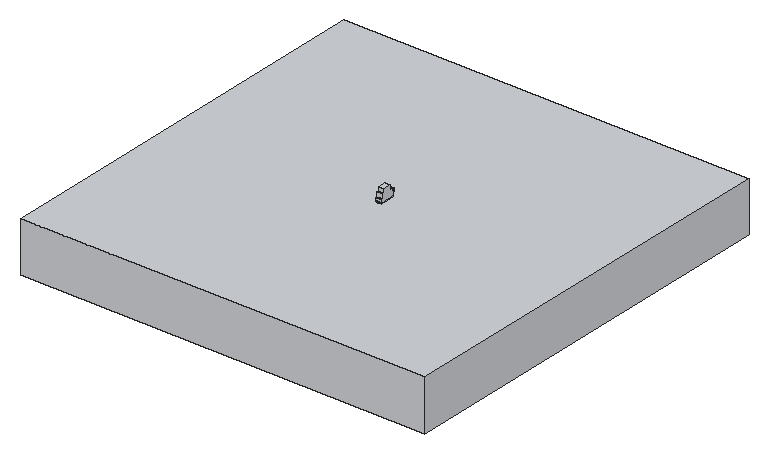
Revit family "Gira_236500", category Elektroinstallationen, Revit 2017
Family settings
  Basisbauteil = Fläche
  Beschriftungsausrichtung beibehalten = Nein
  Bemaßung runder Anschluss = Durchmesser verwenden
  Teiletyp = Normal
  Beim Laden mit Abzugskörper schneiden = Nein
  Gemeinsam genutzt = Nein
  Raumberechnungspunkt = Nein
Parameters (values of type "S3000 Uni-LED-Dimmer REG Elektronik")
  Zusammenstellung = "Basiselement mit Komplettgehäuse"
  Werkstoffgüte = "sonstige"
  Werkstoff Text = "sonstige"
  Default Elevation = 1219.2 mm
  Vor Ort-/Handbedienung = no
  Verwendbar mit Zeitschalter/Timer = no
  Verwendbar mit Taste = yes
  Verwendbar mit Präsenzmelder = yes
  Verwendbar mit IR-Taste = no
  Verwendbar mit Funktaste = no
  Verwendbar mit Bewegungsmelder = yes
  URL = "https://www.gira.de/"
  Typname = "S3000 Uni-LED-Dimmer REG Elektronik"
  Type Comments = ""
  Transparent = no
  Stromart = ""
  Seriendimmer = no
  Schutzart (IP) = ""
  Produktseite = "https://media.stage.bim.site/t/eyJhbGciOiJIUzI1NiIsInR5cCI6IkpXVCJ9.eyJjdCI6MiwidHUiOiJodHRwOi8va2F0YWxvZy5naXJhLmRlL2RlX0RFL2RhdGVuYmxhdHQuaHRtbD9hcnRpa2VsbnI9MjM2NTAwIiwiY2lkIjoiMzI3N2NjMjMtODFhOS00ZWUzLWE5MGEtYjQ3YmI0YzBiNjE2IiwicmlkIjoiZTE4YzlhNDVjZjE1MDU3ZjFmYTliMjA1YTY5ZDBiYWYiLCJwaWQiOiI4ZjkxZmI5MDdmMTgxZjFlYzE4ZjEwZThiMTVmZDY5MTNhZmJlOTM2Iiwic2lkIjoiNjM0NzAiLCJ1dCI6MSwibGMiOiJkZSIsImlhdCI6MTYwMDk0MDE2MSwiaXNzIjoiaHR0cHM6Ly9hcGkubGl2ZS5iaW0uc2l0ZSIsInN1YiI6ImFkbWluQGJpbXNpdGUuZGV2In0.x-_Ml3WksgtXsINCJxG4yvkE__uX7sJHidpehyQK7E8"
  Oberfläche Text = "sonstige"
  Nennspannung [Volt] = "[230:230]"
  Nebenstelleneingang = yes
  Montageart = "REG"
  Model = ""
  Mit LED-Anzeige = no
  Mit Busankopplung = no
  Mit Beschriftungsfeld = no
  Max. Schaltleistung [Voltampere] = 0
  Max. Anzahl der Jalousieausgänge = 0
  Lichtwertspeicher = no
  Lastart = "universal und LED Retrofit"
  Kosten = 0
  Installationstechnik = ""
  Hersteller = "Gira"
  HeinzeBIM = "https://www.heinze.de/bim/s3000-uni-led-dimmer-reg-elektronik/8f91fb907f181f1ec18f10e8b15fd6913afbe936"
  Halogenfrei = no
  HAN = "236500"
  Geeignet für Schutzart (IP) = "IP20"
  GTIN = "4010337031376"
  Funktion Schalten = no
  Funktion = ""
  Funk bidirektional = no
  Frequenz [Hz] = "[50:60]"
  Farbe = ""
  Dimmung Phasenanschnitt = no
  Dimmung Phasenabschnitt = no
  Datenblatt 1 = "https://media.stage.bim.site/t/eyJhbGciOiJIUzI1NiIsInR5cCI6IkpXVCJ9.eyJjdCI6MSwidGYiOiJwdWJsaWMvZ2lyYS9hZThjNTU3LzIzNjUwMC50eHQiLCJjaWQiOiIzMjc3Y2MyMy04MWE5LTRlZTMtYTkwYS1iNDdiYjRjMGI2MTYiLCJyaWQiOiJlMThjOWE0NWNmMTUwNTdmMWZhOWIyMDVhNjlkMGJhZiIsInBpZCI6IjhmOTFmYjkwN2YxODFmMWVjMThmMTBlOGIxNWZkNjkxM2FmYmU5MzYiLCJzaWQiOiI2MzQ3MCIsInV0IjoxLCJsYyI6ImRlIiwiaWF0IjoxNjAwOTQwMTYxLCJpc3MiOiJodHRwczovL2FwaS5saXZlLmJpbS5zaXRlIiwic3ViIjoiYWRtaW5AYmltc2l0ZS5kZXYifQ.BTvfDKXnssDp7PECospgFTkui7RdUJgCLOmxnt_ypKk/236500.txt"
  Datenblatt = "https://media.stage.bim.site/t/eyJhbGciOiJIUzI1NiIsInR5cCI6IkpXVCJ9.eyJjdCI6MSwidHUiOiJodHRwczovL2thdGFsb2cuZ2lyYS5kZS9kZV9ERS9kb3dubG9hZC5odG1sP2FydGlrZWxucj0yMzY1MDAiLCJjaWQiOiIzMjc3Y2MyMy04MWE5LTRlZTMtYTkwYS1iNDdiYjRjMGI2MTYiLCJyaWQiOiJlMThjOWE0NWNmMTUwNTdmMWZhOWIyMDVhNjlkMGJhZiIsInBpZCI6IjhmOTFmYjkwN2YxODFmMWVjMThmMTBlOGIxNWZkNjkxM2FmYmU5MzYiLCJzaWQiOiI2MzQ3MCIsInV0IjoxLCJsYyI6ImRlIiwiaWF0IjoxNjAwOTQwMTYxLCJpc3MiOiJodHRwczovL2FwaS5saXZlLmJpbS5zaXRlIiwic3ViIjoiYWRtaW5AYmltc2l0ZS5kZXYifQ.mJGHCVvITLrpBbRsgOYgRm9HjK1vhV9PknHZ8vHgl8k"
  Bussystem Powernet = no
  Bussystem LON = no
  Bussystem KNX-Funk = no
  Bussystem KNX = no
  Bussystem Funkbus = no
  Breite in Teilungseinheiten = 0
  Beschreibung = "System 3000 Universal-LED-Dimmer REG  REG Merkmale:  Schalten und Dimmen von Glühlampen, HV-Halogenlampen, elektronischen Trafos für Halogen- oder LED-Lampen, dimmbaren induktiven Trafos für Halogen- oder LED-Lampen, HV-LED- oder Kompaktleuchtstofflampen.  Schalten und Dimmen von Glühlampen, HV-Halogenlampen, elektronischen Trafos für Halogen- oder LED-Lampen, dimmbaren induktiven Trafos für Halogen- oder LED-Lampen, HV-LED- oder Kompaktleuchtstofflampen.  Bedienung erfolgt über mechanischen Taster (Schließer), System 3000 Nebenstelle 2- oder 3-Draht, oder System 2000 Nebenstelle 2-Draht.  Automatische oder manuelle Einstellung des zur Last passenden Dimmprinzips (Phasenan- oder Phasenabschnitt).  Anzeige der eingestellten Betriebsart mittels LED.  Lampenschonendes Einschalten.  Einschalthelligkeit dauerhaft speicherbar (mit System 2000 und 3000 Nebenstelle möglich).  Einschalten mit zuletzt eingestellter Helligkeit oder gespeicherter Einschalthelligkeit.  Minimalhelligkeit einstellbar.  Elektronischer Kurzschlussschutz.  Elektronischer Übertemperaturschutz.  Betrieb mit Neutralleiteranschluss.  Hinweise :  Bei höherer Umgebungstemperatur als 45 C ist die angeschlossene Last zu reduzieren."
  Befestigungsart = "Klickbefestigung"
  Bedienungsart = "sonstige"
  Assembly Code = ""
  Keynote = ""
  BIMSITE_PRODUCT_ID = "8f91fb907f181f1ec18f10e8b15fd6913afbe936"
  BIM = "https://media.stage.bim.site/t/eyJhbGciOiJIUzI1NiIsInR5cCI6IkpXVCJ9.eyJjdCI6MSwidGYiOiJwdWJsaWMvZ2lyYS9hZThjNTU3L0dpcmEgWDEgUkVHIEtOWC5yZmEiLCJjaWQiOiIzMjc3Y2MyMy04MWE5LTRlZTMtYTkwYS1iNDdiYjRjMGI2MTYiLCJyaWQiOiJlMThjOWE0NWNmMTUwNTdmMWZhOWIyMDVhNjlkMGJhZiIsInBpZCI6IjhmOTFmYjkwN2YxODFmMWVjMThmMTBlOGIxNWZkNjkxM2FmYmU5MzYiLCJzaWQiOiI2MzQ3MCIsInV0Ijo1LCJsYyI6ImRlIiwiaWF0IjoxNjAwOTQwMTYxLCJpc3MiOiJodHRwczovL2FwaS5saXZlLmJpbS5zaXRlIiwic3ViIjoiYWRtaW5AYmltc2l0ZS5kZXYifQ.goL3ktuHxIwO534OR5-sw6fPddhqVaUfy1c7XxufipM/Gira X1 REG KNX.rfa"
  Ausführung der Oberfläche = ""
  Ausführung Text = ""
  App-Steuerung über Bluetooth = no
  Anzahl der Eingänge = 0
  Anschlussart = "Schraubklemme"
  Andere Bussysteme = ""
Reference planes
  plane 1 "Center (Front/Back)": y = 0
  plane 2: z = 0
  plane 3 "Center (Left/Right)": x = 0
Forms (mm)
  Extrusion 1, solid
    sketch origin (0, 0, 0) x (1, 0, 0) y (0, 1, 0)
      loop
        line (-1219.2, 1219.2) -> (-1219.2, -1219.2) -> (1219.2, -1219.2) -> (1219.2, 1219.2) -> (-1219.2, 1219.2)
    from 0 to -304.8
  Extrusion 2, solid, detail levels fine
    sketch origin (0, -0.2, 0) x (0, 1, 0) y (0, 0, 1)
      loop
        line (22.65, 43.82) -> (22.65, 68.77) -> (-22.25, 68.77) -> (-22.25, 43.82) -> (-30.4, 43.82) -> (-30.4, 19.42) -> (-44.8, 19.42) -> (-44.8, 1.97) -> (45.192, 1.97) -> (45.192, 28.47) -> (32.925, 28.47) -> (32.831, 39.259) -> (31.225, 41.242) -> (31.225, 43.82) -> (22.65, 43.82)
    from -17.95 to 17.95
  Extrusion 3, solid, detail levels fine
    sketch origin (0, -0.2, 0) x (0, 1, 0) y (0, 0, 1)
      loop
        line (45.192, 43.82) -> (31.225, 43.82) -> (31.225, 41.242) -> (32.831, 39.259) -> (32.925, 28.47) -> (45.192, 28.47) -> (45.192, 43.82)
    from -17.95 to -15.8
  Extrusion 4, solid, detail levels fine
    sketch origin (0, -0.2, 0) x (0, 1, 0) y (0, 0, -1)
      loop
        line (45.192, -43.82) -> (45.192, -28.47) -> (32.925, -28.47) -> (32.831, -39.259) -> (31.225, -41.242) -> (31.225, -43.82) -> (45.192, -43.82)
    from -17.95 to -15.8
  Extrusion 5, solid, detail levels fine
    sketch origin (0, -0.2, 0) x (0, 1, 0) y (0, 0, 1)
      loop
        line (31.5, 42.848) -> (31.5, 40.412)
        arc (31.5, 40.412) -> (38.359, 39.512) -> (45.192, 38.435) r 267
        line (45.192, 38.435) -> (45.192, 14.255)
        arc (45.192, 14.255) -> (50.205, 15.189) -> (55.2, 16.219) r 264.9
        line (55.2, 16.219) -> (55.2, 38.933)
        arc (55.2, 38.933) -> (43.394, 41.159) -> (31.5, 42.848) r 265
    from -15.506 to 15.5
  Extrusion 6, solid, detail levels fine
    sketch origin (0, -0.2, 0) x (0, 1, 0) y (0, 0, 1)
      loop
        line (45.2, 1.5) -> (17.774, 1.5) -> (17.905, -6.017)
        arc (17.905, -6.017) -> (20.285, -6.454) -> (22.7, -6.6) r 20
        arc (22.7, -6.6) -> (33.985, -5.009) -> (45.128, -2.618) r 160
        line (45.128, -2.618) -> (45.2, 1.5)
    from -17.95 to 18
  Extrusion 7, solid, detail levels fine
    sketch origin (0, -0.2, 0) x (0, 1, 0) y (0, 0, 1)
      loop
        line (17.905, -6.017) -> (17.824, -1.4) -> (16.8, -1.4) -> (14.749, -4.952)
        arc (14.749, -4.952) -> (16.305, -5.55) -> (17.905, -6.017) r 20
    from -17.95 to -13
  Extrusion 8, solid, detail levels fine
    sketch origin (0, -0.2, 0) x (0, 1, 0) y (0, 0, -1)
      loop
        arc (17.905, 6.017) -> (16.305, 5.55) -> (14.749, 4.952) r 20
        line (14.749, 4.952) -> (16.8, 1.4) -> (17.824, 1.4) -> (17.905, 6.017)
    from -17.95 to -13
  Extrusion 9, solid, detail levels fine
    sketch origin (0, -0.2, 0) x (0, 1, 0) y (0, 0, 1)
      loop
        line (17.8, 0) -> (17.774, 1.5) -> (-44.8, 1.5) -> (-44.774, 0) -> (17.8, 0)
    from -17.95 to 17.95
  Extrusion 10, solid, detail levels fine
    sketch origin (0, 0, 0) x (0, 1, 0) y (0, 0, 1)
      loop
        line (-48.916, -3.317) -> (-44.906, -3.881) -> (-44.974, 0) -> (-48.916, 0) -> (-48.916, -3.317)
    from -4.803 to 4.797
  Extrusion 11, solid, detail levels fine
    sketch origin (0, 0, 0) x (0, 1, 0) y (0, 0, 1)
      loop
        arc (-22.5, -6.6) -> (-20.811, -6.529) -> (-19.134, -6.315) r 20
        line (-19.134, -6.315) -> (-18.029, -3.279) -> (-18, 0) -> (-44.974, 0) -> (-44.928, -2.618)
        arc (-44.928, -2.618) -> (-33.785, -5.009) -> (-22.5, -6.6) r 160
    from -17.95 to -10.5
  Extrusion 12, solid, detail levels fine
    sketch origin (0, 0, 0) x (0, 1, 0) y (0, 0, -1)
      loop
        arc (-22.5, 6.6) -> (-33.785, 5.009) -> (-44.928, 2.618) r 160
        line (-44.928, 2.618) -> (-44.974, 0) -> (-18, 0) -> (-18.029, 3.279) -> (-19.134, 6.315)
        arc (-19.134, 6.315) -> (-20.811, 6.529) -> (-22.5, 6.6) r 20
    from -17.95 to -10.5
  Extrusion 13, solid, detail levels fine
    sketch origin (0, 0, 0) x (0, 1, 0) y (0, 0, 1)
      loop
        line (-30.708, -6.6) -> (-30.65, 0) -> (-44.974, 0) -> (-44.859, -6.6) -> (-30.708, -6.6)
    from -10.5 to 10.5
  Extrusion 14, solid, detail levels fine
    sketch origin (0, 0, 0) x (1, 0, 0) y (0, 1, 0)
      loop
        circle (-0.003, -20.023) r 1
    from -7.682 to 0
  Extrusion 15, solid, detail levels fine
    sketch origin (0, 0, 0) x (0, 1, 0) y (0, 0, 1)
      loop
        line (-17.523, -0.8) -> (-17.523, 0) -> (-30.65, 0) -> (-30.684, -3.9) -> (-27.106, -3.9) -> (-27.106, -5.6) -> (-19.623, -6.6) -> (-18.03, -6.6) -> (-15.023, -2.682) -> (-15.023, -1.517) -> (-17.523, -0.8)
    from -4.503 to 4.5
  Extrusion 16, solid, detail levels fine
    sketch origin (0, 0, 0) x (1, 0, 0) y (0, 1, 0)
      loop
        line (16.859, 43.848) -> (-16.859, 43.848) -> (-16.859, -43.859) -> (16.859, -43.859) -> (16.859, 43.848)
    from 1.5 to 4
  Extrusion 17, solid, detail levels medium
    sketch origin (0, 0, 0) x (0, 1, 0) y (0, 0, 1)
      loop
        line (22.45, 68.77) -> (-22.45, 68.77) -> (-22.45, 43.82) -> (-30.6, 43.82) -> (-30.6, 19.42) -> (-45, 19.42) -> (-45, 0) -> (-48.916, 0) -> (-48.916, -6.6) -> (-15.023, -6.6) -> (-15.023, 0) -> (14.549, 0) -> (14.549, -6.6) -> (44.992, -6.6) -> (44.992, 14.255)
        arc (44.992, 14.255) -> (50.005, 15.189) -> (55, 16.219) r 264.9
        line (55, 16.219) -> (55, 38.933)
        arc (55, 38.933) -> (50.005, 39.943) -> (44.992, 40.856) r 265
        line (44.992, 40.856) -> (44.992, 43.82) -> (22.45, 43.82) -> (22.45, 68.77)
    from -17.95 to 17.95
  Extrusion 18, solid, detail levels coarse
    sketch origin (0, 0, 0) x (1, 0, 0) y (0, 1, 0)
      loop
        line (-17.95, 55) -> (-17.95, -48.916) -> (17.95, -48.916) -> (17.95, 55) -> (-17.95, 55)
    from -7.682 to 68.77
Dimensions and locks
  aligned and locked: plane 2 to Extrusion 1
  aligned and locked: level to Extrusion 1
Connectors
  electrical at (0, -13.687, 0)
    settings: on Extrusion 9, index 1, voltage 24 V, apparent load 0 VA, apparent load phase1 0 VA, apparent load phase2 0 VA, apparent load phase3 0 VA, power factor 1, load classification "Other", number of poles 1, system type 30, power factor state 1, is connector primary yes, connector utility no, sub classification motor no, connector description ""
